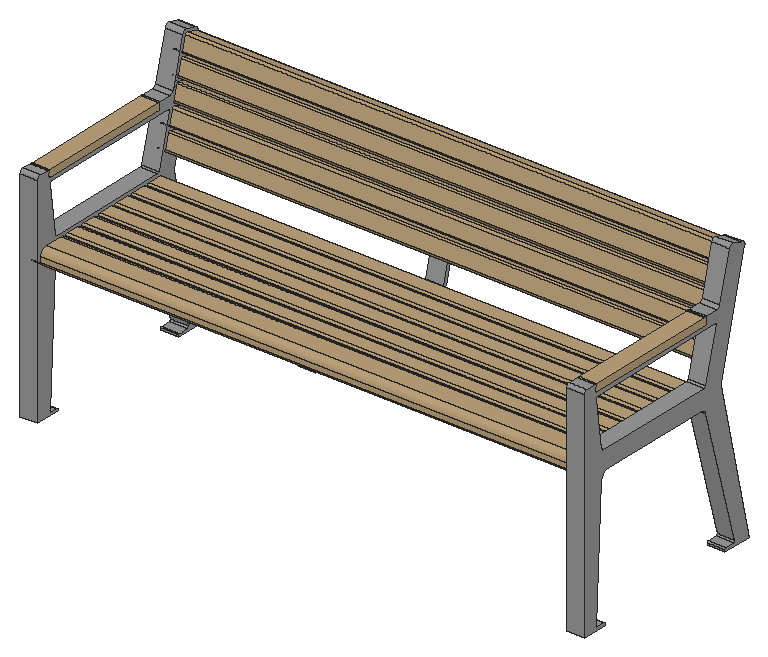
Revit family "L-FUR_벤치_DWB-200_데오스웍스", category 일반 모델, Revit 2019
Family settings
  보강 철근 호스트 가능 = 아니오
  원형 커넥터 치수 = 지름 사용
  부품 유형 = 보통
  작업 기준면 기반 = 아니오
  항상 수직 = 예
  로드될 때 보이드를 사용하여 절단 = 아니오
  공유 = 아니오
  룸 계산 점 = 아니오
Reference planes
  plane 1 "중심(앞/뒤)": y = 0
  plane 2: z = 0
  plane 3 "중심(왼쪽/오른쪽)": x = 0
Dimensions and locks
  aligned and locked: level to plane 2
Nested families
  nested 1: "L-FUR_벤치_DWB-200_데" at (0, 0, 0), type "L-FUR_벤치_DWB-200_데"
Definition of nested family "L-FUR_벤치_DWB-200_데"
  Reference planes
    plane 1 "중심(앞/뒤)": y = 0
    plane 2: z = 0
    plane 3 "중심(왼쪽/오른쪽)": x = 0
  Forms (mm)
    Extrusion 1, solid
      sketch origin (1550, -2397.585, -397.047) x (0, 1, 0) y (0, 0, 1)
        loop
          line (2827.585, 1020.047) -> (2827.585, 1008.047)
          arc (2827.585, 1008.047) -> (2826.121, 1004.511) -> (2822.585, 1003.047) r 5
          line (2822.585, 1003.047) -> (2442.585, 1003.047)
          arc (2442.585, 1003.047) -> (2439.05, 1004.511) -> (2437.585, 1008.047) r 5
          line (2437.585, 1008.047) -> (2437.585, 1020.047)
          arc (2437.585, 1020.047) -> (2436.707, 1022.168) -> (2434.585, 1023.047) r 3
          line (2434.585, 1023.047) -> (2407.585, 1023.047)
          arc (2407.585, 1023.047) -> (2400.514, 1020.118) -> (2397.585, 1013.047) r 10
          line (2397.585, 1013.047) -> (2397.585, 397.047) -> (2467.993, 397.047) -> (2467.993, 402.047)
          arc (2467.993, 402.047) -> (2467.114, 404.168) -> (2464.993, 405.047) r 3
          line (2464.993, 405.047) -> (2437.993, 405.047) -> (2456.619, 771.063)
          arc (2456.619, 771.063) -> (2462.815, 784.544) -> (2476.593, 790.047) r 20
          line (2476.593, 790.047) -> (2809.134, 790.047)
          arc (2809.134, 790.047) -> (2820.418, 786.559) -> (2827.767, 777.313) r 20
          line (2827.767, 777.313) -> (2931.336, 409.137)
          arc (2931.336, 409.137) -> (2931.017, 406.354) -> (2928.541, 405.047) r 3
          line (2928.541, 405.047) -> (2899.05, 405.047)
          arc (2899.05, 405.047) -> (2896.929, 404.168) -> (2896.05, 402.047) r 3
          line (2896.05, 402.047) -> (2896.05, 397.047) -> (2977.585, 397.047) -> (2879.482, 825.839)
          arc (2879.482, 825.839) -> (2879.013, 828.641) -> (2879.351, 831.462) r 10
          line (2879.351, 831.462) -> (2963.154, 1144.221)
          arc (2963.154, 1144.221) -> (2961.956, 1153.327) -> (2954.669, 1158.918) r 12
          line (2954.669, 1158.918) -> (2925.691, 1166.683)
          arc (2925.691, 1166.683) -> (2917.344, 1165.584) -> (2912.219, 1158.905) r 11
          line (2912.219, 1158.905) -> (2877.802, 1030.459)
          arc (2877.802, 1030.459) -> (2874.231, 1025.113) -> (2868.143, 1023.047) r 10
          line (2868.143, 1023.047) -> (2830.585, 1023.047)
          arc (2830.585, 1023.047) -> (2828.464, 1022.168) -> (2827.585, 1020.047) r 3
        loop
          arc (2443.326, 992.047) -> (2439.589, 990.369) -> (2438.36, 986.463) r 5
          line (2438.36, 986.463) -> (2456.546, 851.878)
          arc (2456.546, 851.878) -> (2459.833, 845.574) -> (2466.478, 843.047) r 10
          line (2466.478, 843.047) -> (2823.749, 843.047)
          arc (2823.749, 843.047) -> (2826.793, 844.08) -> (2828.578, 846.753) r 5
          line (2828.578, 846.753) -> (2865.823, 985.753)
          arc (2865.823, 985.753) -> (2864.96, 990.091) -> (2860.994, 992.047) r 5
          line (2860.994, 992.047) -> (2443.326, 992.047)
      from 0 to 50
    Extrusion 2, void
      sketch origin (1550, -4589.461, -397.047) x (0, 1, 0) y (0, 0, 1)
        loop
          line (4601.461, 797.047) -> (5039.411, 797.047)
          arc (5039.411, 797.047) -> (5051.587, 801.18) -> (5058.73, 811.87) r 20
          line (5058.73, 811.87) -> (5148.527, 1146.999)
          arc (5148.527, 1146.999) -> (5148.028, 1150.793) -> (5144.992, 1153.123) r 5
          line (5144.992, 1153.123) -> (5116.014, 1160.887)
          arc (5116.014, 1160.887) -> (5112.22, 1160.388) -> (5109.89, 1157.352) r 5
          line (5109.89, 1157.352) -> (5026.25, 845.2)
          arc (5026.25, 845.2) -> (5022.321, 839.32) -> (5015.624, 837.047) r 11
          line (5015.624, 837.047) -> (4616.461, 837.047)
          arc (4616.461, 837.047) -> (4602.319, 831.189) -> (4596.461, 817.047) r 20
          line (4596.461, 817.047) -> (4596.461, 802.047)
          arc (4596.461, 802.047) -> (4597.925, 798.511) -> (4601.461, 797.047) r 5
      from 0 to 25
    Extrusion 3, solid
      sketch origin (1075, -4589.461, -397.047) x (0, 1, 0) y (0, 0, 1)
        loop
          line (4676.461, 802.047) -> (4676.461, 832.047)
          arc (4676.461, 832.047) -> (4674.997, 835.582) -> (4671.461, 837.047) r 5
          line (4671.461, 837.047) -> (4616.461, 837.047)
          arc (4616.461, 837.047) -> (4602.319, 831.189) -> (4596.461, 817.047) r 20
          line (4596.461, 817.047) -> (4596.461, 802.047)
          arc (4596.461, 802.047) -> (4597.925, 798.511) -> (4601.461, 797.047) r 5
          line (4601.461, 797.047) -> (4671.461, 797.047)
          arc (4671.461, 797.047) -> (4674.997, 798.511) -> (4676.461, 802.047) r 5
        loop
          arc (4734.461, 832.047) -> (4732.997, 835.582) -> (4729.461, 837.047) r 5
          line (4729.461, 837.047) -> (4689.461, 837.047)
          arc (4689.461, 837.047) -> (4685.925, 835.582) -> (4684.461, 832.047) r 5
          line (4684.461, 832.047) -> (4684.461, 802.047)
          arc (4684.461, 802.047) -> (4685.925, 798.511) -> (4689.461, 797.047) r 5
          line (4689.461, 797.047) -> (4729.461, 797.047)
          arc (4729.461, 797.047) -> (4732.997, 798.511) -> (4734.461, 802.047) r 5
          line (4734.461, 802.047) -> (4734.461, 832.047)
        loop
          arc (4792.461, 832.047) -> (4790.997, 835.582) -> (4787.461, 837.047) r 5
          line (4787.461, 837.047) -> (4747.461, 837.047)
          arc (4747.461, 837.047) -> (4743.925, 835.582) -> (4742.461, 832.047) r 5
          line (4742.461, 832.047) -> (4742.461, 802.047)
          arc (4742.461, 802.047) -> (4743.925, 798.511) -> (4747.461, 797.047) r 5
          line (4747.461, 797.047) -> (4787.461, 797.047)
          arc (4787.461, 797.047) -> (4790.997, 798.511) -> (4792.461, 802.047) r 5
          line (4792.461, 802.047) -> (4792.461, 832.047)
        loop
          arc (4850.461, 832.047) -> (4848.997, 835.582) -> (4845.461, 837.047) r 5
          line (4845.461, 837.047) -> (4805.461, 837.047)
          arc (4805.461, 837.047) -> (4801.925, 835.582) -> (4800.461, 832.047) r 5
          line (4800.461, 832.047) -> (4800.461, 802.047)
          arc (4800.461, 802.047) -> (4801.925, 798.511) -> (4805.461, 797.047) r 5
          line (4805.461, 797.047) -> (4845.461, 797.047)
          arc (4845.461, 797.047) -> (4848.997, 798.511) -> (4850.461, 802.047) r 5
          line (4850.461, 802.047) -> (4850.461, 832.047)
        loop
          arc (4908.461, 832.047) -> (4906.997, 835.582) -> (4903.461, 837.047) r 5
          line (4903.461, 837.047) -> (4863.461, 837.047)
          arc (4863.461, 837.047) -> (4859.925, 835.582) -> (4858.461, 832.047) r 5
          line (4858.461, 832.047) -> (4858.461, 802.047)
          arc (4858.461, 802.047) -> (4859.925, 798.511) -> (4863.461, 797.047) r 5
          line (4863.461, 797.047) -> (4903.461, 797.047)
          arc (4903.461, 797.047) -> (4906.997, 798.511) -> (4908.461, 802.047) r 5
          line (4908.461, 802.047) -> (4908.461, 832.047)
        loop
          arc (4966.461, 832.047) -> (4964.997, 835.582) -> (4961.461, 837.047) r 5
          line (4961.461, 837.047) -> (4921.461, 837.047)
          arc (4921.461, 837.047) -> (4917.925, 835.582) -> (4916.461, 832.047) r 5
          line (4916.461, 832.047) -> (4916.461, 802.047)
          arc (4916.461, 802.047) -> (4917.925, 798.511) -> (4921.461, 797.047) r 5
          line (4921.461, 797.047) -> (4961.461, 797.047)
          arc (4961.461, 797.047) -> (4964.997, 798.511) -> (4966.461, 802.047) r 5
          line (4966.461, 802.047) -> (4966.461, 832.047)
        loop
          arc (4974.461, 802.047) -> (4975.925, 798.511) -> (4979.461, 797.047) r 5
          line (4979.461, 797.047) -> (5019.461, 797.047)
          arc (5019.461, 797.047) -> (5022.997, 798.511) -> (5024.461, 802.047) r 5
          line (5024.461, 802.047) -> (5024.461, 832.047)
          arc (5024.461, 832.047) -> (5022.997, 835.582) -> (5019.461, 837.047) r 5
          line (5019.461, 837.047) -> (4979.461, 837.047)
          arc (4979.461, 837.047) -> (4975.925, 835.582) -> (4974.461, 832.047) r 5
          line (4974.461, 832.047) -> (4974.461, 802.047)
        loop
          arc (5072.005, 880.732) -> (5075.799, 881.231) -> (5078.129, 884.267) r 5
          line (5078.129, 884.267) -> (5088.481, 922.904)
          arc (5088.481, 922.904) -> (5087.982, 926.698) -> (5084.946, 929.028) r 5
          line (5084.946, 929.028) -> (5055.968, 936.792)
          arc (5055.968, 936.792) -> (5052.174, 936.293) -> (5049.844, 933.257) r 5
          line (5049.844, 933.257) -> (5039.492, 894.62)
          arc (5039.492, 894.62) -> (5039.991, 890.826) -> (5043.027, 888.496) r 5
          line (5043.027, 888.496) -> (5072.005, 880.732)
        loop
          arc (5087.016, 936.755) -> (5090.81, 937.255) -> (5093.14, 940.291) r 5
          line (5093.14, 940.291) -> (5103.493, 978.928)
          arc (5103.493, 978.928) -> (5102.993, 982.722) -> (5099.957, 985.052) r 5
          line (5099.957, 985.052) -> (5070.98, 992.816)
          arc (5070.98, 992.816) -> (5067.185, 992.317) -> (5064.856, 989.281) r 5
          line (5064.856, 989.281) -> (5054.503, 950.644)
          arc (5054.503, 950.644) -> (5055.003, 946.849) -> (5058.039, 944.52) r 5
          line (5058.039, 944.52) -> (5087.016, 936.755)
        loop
          arc (5102.028, 992.779) -> (5105.822, 993.278) -> (5108.152, 996.314) r 5
          line (5108.152, 996.314) -> (5118.504, 1034.951)
          arc (5118.504, 1034.951) -> (5118.005, 1038.746) -> (5114.969, 1041.075) r 5
          line (5114.969, 1041.075) -> (5085.991, 1048.84)
          arc (5085.991, 1048.84) -> (5082.197, 1048.34) -> (5079.867, 1045.304) r 5
          line (5079.867, 1045.304) -> (5069.515, 1006.667)
          arc (5069.515, 1006.667) -> (5070.014, 1002.873) -> (5073.05, 1000.544) r 5
          line (5073.05, 1000.544) -> (5102.028, 992.779)
        loop
          arc (5117.039, 1048.803) -> (5120.834, 1049.302) -> (5123.163, 1052.338) r 5
          line (5123.163, 1052.338) -> (5133.516, 1090.975)
          arc (5133.516, 1090.975) -> (5133.016, 1094.769) -> (5129.98, 1097.099) r 5
          line (5129.98, 1097.099) -> (5101.003, 1104.863)
          arc (5101.003, 1104.863) -> (5097.208, 1104.364) -> (5094.879, 1101.328) r 5
          line (5094.879, 1101.328) -> (5084.526, 1062.691)
          arc (5084.526, 1062.691) -> (5085.026, 1058.897) -> (5088.062, 1056.567) r 5
          line (5088.062, 1056.567) -> (5117.039, 1048.803)
        loop
          arc (5132.051, 1104.826) -> (5135.845, 1105.326) -> (5138.175, 1108.362) r 5
          line (5138.175, 1108.362) -> (5148.527, 1146.999)
          arc (5148.527, 1146.999) -> (5148.028, 1150.793) -> (5144.992, 1153.123) r 5
          line (5144.992, 1153.123) -> (5116.014, 1160.887)
          arc (5116.014, 1160.887) -> (5112.22, 1160.388) -> (5109.89, 1157.352) r 5
          line (5109.89, 1157.352) -> (5099.538, 1118.715)
          arc (5099.538, 1118.715) -> (5100.037, 1114.921) -> (5103.073, 1112.591) r 5
          line (5103.073, 1112.591) -> (5132.051, 1104.826)
      from -1050 to 500
    Extrusion 4, solid
      sketch origin (50, -2397.585, -397.047) x (0, 1, 0) y (0, 0, -1)
        loop
          arc (2827.585, -1020.047) -> (2828.464, -1022.168) -> (2830.585, -1023.047) r 3
          line (2830.585, -1023.047) -> (2868.143, -1023.047)
          arc (2868.143, -1023.047) -> (2874.231, -1025.113) -> (2877.802, -1030.459) r 10
          line (2877.802, -1030.459) -> (2912.219, -1158.905)
          arc (2912.219, -1158.905) -> (2917.344, -1165.584) -> (2925.691, -1166.683) r 11
          line (2925.691, -1166.683) -> (2954.669, -1158.918)
          arc (2954.669, -1158.918) -> (2961.956, -1153.327) -> (2963.154, -1144.221) r 12
          line (2963.154, -1144.221) -> (2879.351, -831.462)
          arc (2879.351, -831.462) -> (2879.013, -828.641) -> (2879.482, -825.839) r 10
          line (2879.482, -825.839) -> (2977.585, -397.047) -> (2896.05, -397.047) -> (2896.05, -402.047)
          arc (2896.05, -402.047) -> (2896.929, -404.168) -> (2899.05, -405.047) r 3
          line (2899.05, -405.047) -> (2928.541, -405.047)
          arc (2928.541, -405.047) -> (2931.017, -406.354) -> (2931.336, -409.137) r 3
          line (2931.336, -409.137) -> (2827.767, -777.313)
          arc (2827.767, -777.313) -> (2820.418, -786.559) -> (2809.134, -790.047) r 20
          line (2809.134, -790.047) -> (2476.593, -790.047)
          arc (2476.593, -790.047) -> (2462.815, -784.544) -> (2456.619, -771.063) r 20
          line (2456.619, -771.063) -> (2437.993, -405.047) -> (2464.993, -405.047)
          arc (2464.993, -405.047) -> (2467.114, -404.168) -> (2467.993, -402.047) r 3
          line (2467.993, -402.047) -> (2467.993, -397.047) -> (2397.585, -397.047) -> (2397.585, -1013.047)
          arc (2397.585, -1013.047) -> (2400.514, -1020.118) -> (2407.585, -1023.047) r 10
          line (2407.585, -1023.047) -> (2434.585, -1023.047)
          arc (2434.585, -1023.047) -> (2436.707, -1022.168) -> (2437.585, -1020.047) r 3
          line (2437.585, -1020.047) -> (2437.585, -1008.047)
          arc (2437.585, -1008.047) -> (2439.05, -1004.511) -> (2442.585, -1003.047) r 5
          line (2442.585, -1003.047) -> (2822.585, -1003.047)
          arc (2822.585, -1003.047) -> (2826.121, -1004.511) -> (2827.585, -1008.047) r 5
          line (2827.585, -1008.047) -> (2827.585, -1020.047)
        loop
          line (2443.326, -992.047) -> (2860.994, -992.047)
          arc (2860.994, -992.047) -> (2864.96, -990.091) -> (2865.823, -985.753) r 5
          line (2865.823, -985.753) -> (2828.578, -846.753)
          arc (2828.578, -846.753) -> (2826.793, -844.08) -> (2823.749, -843.047) r 5
          line (2823.749, -843.047) -> (2466.478, -843.047)
          arc (2466.478, -843.047) -> (2459.833, -845.574) -> (2456.546, -851.878) r 10
          line (2456.546, -851.878) -> (2438.36, -986.463)
          arc (2438.36, -986.463) -> (2439.589, -990.369) -> (2443.326, -992.047) r 5
      from 0 to 50
    Extrusion 5, solid
      sketch origin (775, -4589.461, -397.047) x (0, 1, 0) y (0, 0, 1)
        loop
          line (5147.233, 1142.169) -> (5058.73, 811.87)
          arc (5058.73, 811.87) -> (5051.587, 801.18) -> (5039.411, 797.047) r 20
          line (5039.411, 797.047) -> (4606.461, 797.047) -> (4606.461, 790.047) -> (5039.411, 790.047)
          arc (5039.411, 790.047) -> (5055.848, 795.626) -> (5065.491, 810.059) r 27
          line (5065.491, 810.059) -> (5153.995, 1140.358) -> (5147.233, 1142.169)
      from 0 to 50
    Extrusion 6, solid
      sketch origin (0, -4523.496, 2936.171) x (0, 1, 0) y (0, 0, 1)
        loop
          line (4950.496, -2310.171) -> (4566.496, -2310.171)
          arc (4566.496, -2310.171) -> (4564.375, -2311.05) -> (4563.496, -2313.171) r 3
          line (4563.496, -2313.171) -> (4563.496, -2325.171)
          arc (4563.496, -2325.171) -> (4564.961, -2328.707) -> (4568.496, -2330.171) r 5
          line (4568.496, -2330.171) -> (4948.496, -2330.171)
          arc (4948.496, -2330.171) -> (4952.032, -2328.707) -> (4953.496, -2325.171) r 5
          line (4953.496, -2325.171) -> (4953.496, -2313.171)
          arc (4953.496, -2313.171) -> (4952.617, -2311.05) -> (4950.496, -2310.171) r 3
      from 0 to 50
    Extrusion 7, solid
      sketch origin (1550, -4523.496, 2936.171) x (0, 1, 0) y (0, 0, 1)
        loop
          line (4950.496, -2310.171) -> (4566.496, -2310.171)
          arc (4566.496, -2310.171) -> (4564.375, -2311.05) -> (4563.496, -2313.171) r 3
          line (4563.496, -2313.171) -> (4563.496, -2325.171)
          arc (4563.496, -2325.171) -> (4564.961, -2328.707) -> (4568.496, -2330.171) r 5
          line (4568.496, -2330.171) -> (4948.496, -2330.171)
          arc (4948.496, -2330.171) -> (4952.032, -2328.707) -> (4953.496, -2325.171) r 5
          line (4953.496, -2325.171) -> (4953.496, -2313.171)
          arc (4953.496, -2313.171) -> (4952.617, -2311.05) -> (4950.496, -2310.171) r 3
      from 0 to 50
    Extrusion 8, solid, not visible
      sketch origin (2900.709, -3915.932, -397.047) x (0, 1, 0) y (0, 0, 1)
        loop
          line (2827.585, 1020.047) -> (2827.585, 1008.047)
          arc (2827.585, 1008.047) -> (2826.121, 1004.511) -> (2822.585, 1003.047) r 5
          line (2822.585, 1003.047) -> (2442.585, 1003.047)
          arc (2442.585, 1003.047) -> (2439.05, 1004.511) -> (2437.585, 1008.047) r 5
          line (2437.585, 1008.047) -> (2437.585, 1020.047)
          arc (2437.585, 1020.047) -> (2436.707, 1022.168) -> (2434.585, 1023.047) r 3
          line (2434.585, 1023.047) -> (2407.585, 1023.047)
          arc (2407.585, 1023.047) -> (2400.514, 1020.118) -> (2397.585, 1013.047) r 10
          line (2397.585, 1013.047) -> (2397.585, 397.047) -> (2467.993, 397.047) -> (2467.993, 402.047)
          arc (2467.993, 402.047) -> (2467.114, 404.168) -> (2464.993, 405.047) r 3
          line (2464.993, 405.047) -> (2437.993, 405.047) -> (2456.619, 771.063)
          arc (2456.619, 771.063) -> (2462.815, 784.544) -> (2476.593, 790.047) r 20
          line (2476.593, 790.047) -> (2809.134, 790.047)
          arc (2809.134, 790.047) -> (2820.418, 786.559) -> (2827.767, 777.313) r 20
          line (2827.767, 777.313) -> (2931.336, 409.137)
          arc (2931.336, 409.137) -> (2931.017, 406.354) -> (2928.541, 405.047) r 3
          line (2928.541, 405.047) -> (2899.05, 405.047)
          arc (2899.05, 405.047) -> (2896.929, 404.168) -> (2896.05, 402.047) r 3
          line (2896.05, 402.047) -> (2896.05, 397.047) -> (2977.585, 397.047) -> (2879.482, 825.839)
          arc (2879.482, 825.839) -> (2879.013, 828.641) -> (2879.351, 831.462) r 10
          line (2879.351, 831.462) -> (2963.154, 1144.221)
          arc (2963.154, 1144.221) -> (2961.956, 1153.327) -> (2954.669, 1158.918) r 12
          line (2954.669, 1158.918) -> (2925.691, 1166.683)
          arc (2925.691, 1166.683) -> (2917.344, 1165.584) -> (2912.219, 1158.905) r 11
          line (2912.219, 1158.905) -> (2877.802, 1030.459)
          arc (2877.802, 1030.459) -> (2874.231, 1025.113) -> (2868.143, 1023.047) r 10
          line (2868.143, 1023.047) -> (2830.585, 1023.047)
          arc (2830.585, 1023.047) -> (2828.464, 1022.168) -> (2827.585, 1020.047) r 3
        loop
          arc (2443.326, 992.047) -> (2439.589, 990.369) -> (2438.36, 986.463) r 5
          line (2438.36, 986.463) -> (2456.546, 851.878)
          arc (2456.546, 851.878) -> (2459.833, 845.574) -> (2466.478, 843.047) r 10
          line (2466.478, 843.047) -> (2823.749, 843.047)
          arc (2823.749, 843.047) -> (2826.793, 844.08) -> (2828.578, 846.753) r 5
          line (2828.578, 846.753) -> (2865.823, 985.753)
          arc (2865.823, 985.753) -> (2864.96, 990.091) -> (2860.994, 992.047) r 5
          line (2860.994, 992.047) -> (2443.326, 992.047)
      from 0 to 50
    Extrusion 9, solid, not visible
      sketch origin (1400.709, -3915.932, -397.047) x (0, 1, 0) y (0, 0, -1)
        loop
          arc (2827.585, -1020.047) -> (2828.464, -1022.168) -> (2830.585, -1023.047) r 3
          line (2830.585, -1023.047) -> (2868.143, -1023.047)
          arc (2868.143, -1023.047) -> (2874.231, -1025.113) -> (2877.802, -1030.459) r 10
          line (2877.802, -1030.459) -> (2912.219, -1158.905)
          arc (2912.219, -1158.905) -> (2917.344, -1165.584) -> (2925.691, -1166.683) r 11
          line (2925.691, -1166.683) -> (2954.669, -1158.918)
          arc (2954.669, -1158.918) -> (2961.956, -1153.327) -> (2963.154, -1144.221) r 12
          line (2963.154, -1144.221) -> (2879.351, -831.462)
          arc (2879.351, -831.462) -> (2879.013, -828.641) -> (2879.482, -825.839) r 10
          line (2879.482, -825.839) -> (2977.585, -397.047) -> (2896.05, -397.047) -> (2896.05, -402.047)
          arc (2896.05, -402.047) -> (2896.929, -404.168) -> (2899.05, -405.047) r 3
          line (2899.05, -405.047) -> (2928.541, -405.047)
          arc (2928.541, -405.047) -> (2931.017, -406.354) -> (2931.336, -409.137) r 3
          line (2931.336, -409.137) -> (2827.767, -777.313)
          arc (2827.767, -777.313) -> (2820.418, -786.559) -> (2809.134, -790.047) r 20
          line (2809.134, -790.047) -> (2476.593, -790.047)
          arc (2476.593, -790.047) -> (2462.815, -784.544) -> (2456.619, -771.063) r 20
          line (2456.619, -771.063) -> (2437.993, -405.047) -> (2464.993, -405.047)
          arc (2464.993, -405.047) -> (2467.114, -404.168) -> (2467.993, -402.047) r 3
          line (2467.993, -402.047) -> (2467.993, -397.047) -> (2397.585, -397.047) -> (2397.585, -1013.047)
          arc (2397.585, -1013.047) -> (2400.514, -1020.118) -> (2407.585, -1023.047) r 10
          line (2407.585, -1023.047) -> (2434.585, -1023.047)
          arc (2434.585, -1023.047) -> (2436.707, -1022.168) -> (2437.585, -1020.047) r 3
          line (2437.585, -1020.047) -> (2437.585, -1008.047)
          arc (2437.585, -1008.047) -> (2439.05, -1004.511) -> (2442.585, -1003.047) r 5
          line (2442.585, -1003.047) -> (2822.585, -1003.047)
          arc (2822.585, -1003.047) -> (2826.121, -1004.511) -> (2827.585, -1008.047) r 5
          line (2827.585, -1008.047) -> (2827.585, -1020.047)
        loop
          line (2443.326, -992.047) -> (2860.994, -992.047)
          arc (2860.994, -992.047) -> (2864.96, -990.091) -> (2865.823, -985.753) r 5
          line (2865.823, -985.753) -> (2828.578, -846.753)
          arc (2828.578, -846.753) -> (2826.793, -844.08) -> (2823.749, -843.047) r 5
          line (2823.749, -843.047) -> (2466.478, -843.047)
          arc (2466.478, -843.047) -> (2459.833, -845.574) -> (2456.546, -851.878) r 10
          line (2456.546, -851.878) -> (2438.36, -986.463)
          arc (2438.36, -986.463) -> (2439.589, -990.369) -> (2443.326, -992.047) r 5
      from 0 to 50
    Extrusion 10, solid, not visible
      sketch origin (2125.709, -6107.807, -397.047) x (0, 1, 0) y (0, 0, 1)
        loop
          line (5147.233, 1142.169) -> (5058.73, 811.87)
          arc (5058.73, 811.87) -> (5051.587, 801.18) -> (5039.411, 797.047) r 20
          line (5039.411, 797.047) -> (4606.461, 797.047) -> (4606.461, 790.047) -> (5039.411, 790.047)
          arc (5039.411, 790.047) -> (5055.848, 795.626) -> (5065.491, 810.059) r 27
          line (5065.491, 810.059) -> (5153.995, 1140.358) -> (5147.233, 1142.169)
      from 0 to 50
    Extrusion 11, solid, not visible
      sketch origin (1591.985, -2369.759, -397.047) x (0, 1, 0) y (0, 0, 1)
        loop
          line (2827.585, 1020.047) -> (2827.585, 1008.047)
          arc (2827.585, 1008.047) -> (2826.121, 1004.511) -> (2822.585, 1003.047) r 5
          line (2822.585, 1003.047) -> (2442.585, 1003.047)
          arc (2442.585, 1003.047) -> (2439.05, 1004.511) -> (2437.585, 1008.047) r 5
          line (2437.585, 1008.047) -> (2437.585, 1020.047)
          arc (2437.585, 1020.047) -> (2436.707, 1022.168) -> (2434.585, 1023.047) r 3
          line (2434.585, 1023.047) -> (2407.585, 1023.047)
          arc (2407.585, 1023.047) -> (2400.514, 1020.118) -> (2397.585, 1013.047) r 10
          line (2397.585, 1013.047) -> (2397.585, 397.047) -> (2467.993, 397.047) -> (2467.993, 402.047)
          arc (2467.993, 402.047) -> (2467.114, 404.168) -> (2464.993, 405.047) r 3
          line (2464.993, 405.047) -> (2437.993, 405.047) -> (2456.619, 771.063)
          arc (2456.619, 771.063) -> (2462.815, 784.544) -> (2476.593, 790.047) r 20
          line (2476.593, 790.047) -> (2809.134, 790.047)
          arc (2809.134, 790.047) -> (2820.418, 786.559) -> (2827.767, 777.313) r 20
          line (2827.767, 777.313) -> (2931.336, 409.137)
          arc (2931.336, 409.137) -> (2931.017, 406.354) -> (2928.541, 405.047) r 3
          line (2928.541, 405.047) -> (2899.05, 405.047)
          arc (2899.05, 405.047) -> (2896.929, 404.168) -> (2896.05, 402.047) r 3
          line (2896.05, 402.047) -> (2896.05, 397.047) -> (2977.585, 397.047) -> (2879.482, 825.839)
          arc (2879.482, 825.839) -> (2879.013, 828.641) -> (2879.351, 831.462) r 10
          line (2879.351, 831.462) -> (2963.154, 1144.221)
          arc (2963.154, 1144.221) -> (2961.956, 1153.327) -> (2954.669, 1158.918) r 12
          line (2954.669, 1158.918) -> (2925.691, 1166.683)
          arc (2925.691, 1166.683) -> (2917.344, 1165.584) -> (2912.219, 1158.905) r 11
          line (2912.219, 1158.905) -> (2877.802, 1030.459)
          arc (2877.802, 1030.459) -> (2874.231, 1025.113) -> (2868.143, 1023.047) r 10
          line (2868.143, 1023.047) -> (2830.585, 1023.047)
          arc (2830.585, 1023.047) -> (2828.464, 1022.168) -> (2827.585, 1020.047) r 3
        loop
          arc (2443.326, 992.047) -> (2439.589, 990.369) -> (2438.36, 986.463) r 5
          line (2438.36, 986.463) -> (2456.546, 851.878)
          arc (2456.546, 851.878) -> (2459.833, 845.574) -> (2466.478, 843.047) r 10
          line (2466.478, 843.047) -> (2823.749, 843.047)
          arc (2823.749, 843.047) -> (2826.793, 844.08) -> (2828.578, 846.753) r 5
          line (2828.578, 846.753) -> (2865.823, 985.753)
          arc (2865.823, 985.753) -> (2864.96, 990.091) -> (2860.994, 992.047) r 5
          line (2860.994, 992.047) -> (2443.326, 992.047)
      from 0 to 50
    Extrusion 12, void, not visible
      sketch origin (1591.985, -4561.635, -397.047) x (0, 1, 0) y (0, 0, 1)
        loop
          line (4601.461, 797.047) -> (5039.411, 797.047)
          arc (5039.411, 797.047) -> (5051.587, 801.18) -> (5058.73, 811.87) r 20
          line (5058.73, 811.87) -> (5148.527, 1146.999)
          arc (5148.527, 1146.999) -> (5148.028, 1150.793) -> (5144.992, 1153.123) r 5
          line (5144.992, 1153.123) -> (5116.014, 1160.887)
          arc (5116.014, 1160.887) -> (5112.22, 1160.388) -> (5109.89, 1157.352) r 5
          line (5109.89, 1157.352) -> (5026.25, 845.2)
          arc (5026.25, 845.2) -> (5022.321, 839.32) -> (5015.624, 837.047) r 11
          line (5015.624, 837.047) -> (4616.461, 837.047)
          arc (4616.461, 837.047) -> (4602.319, 831.189) -> (4596.461, 817.047) r 20
          line (4596.461, 817.047) -> (4596.461, 802.047)
          arc (4596.461, 802.047) -> (4597.925, 798.511) -> (4601.461, 797.047) r 5
      from 0 to 25
    Extrusion 13, solid, not visible
      sketch origin (1116.985, -4561.635, -397.047) x (0, 1, 0) y (0, 0, 1)
        loop
          line (4676.461, 802.047) -> (4676.461, 832.047)
          arc (4676.461, 832.047) -> (4674.997, 835.582) -> (4671.461, 837.047) r 5
          line (4671.461, 837.047) -> (4616.461, 837.047)
          arc (4616.461, 837.047) -> (4602.319, 831.189) -> (4596.461, 817.047) r 20
          line (4596.461, 817.047) -> (4596.461, 802.047)
          arc (4596.461, 802.047) -> (4597.925, 798.511) -> (4601.461, 797.047) r 5
          line (4601.461, 797.047) -> (4671.461, 797.047)
          arc (4671.461, 797.047) -> (4674.997, 798.511) -> (4676.461, 802.047) r 5
        loop
          arc (4734.461, 832.047) -> (4732.997, 835.582) -> (4729.461, 837.047) r 5
          line (4729.461, 837.047) -> (4689.461, 837.047)
          arc (4689.461, 837.047) -> (4685.925, 835.582) -> (4684.461, 832.047) r 5
          line (4684.461, 832.047) -> (4684.461, 802.047)
          arc (4684.461, 802.047) -> (4685.925, 798.511) -> (4689.461, 797.047) r 5
          line (4689.461, 797.047) -> (4729.461, 797.047)
          arc (4729.461, 797.047) -> (4732.997, 798.511) -> (4734.461, 802.047) r 5
          line (4734.461, 802.047) -> (4734.461, 832.047)
        loop
          arc (4792.461, 832.047) -> (4790.997, 835.582) -> (4787.461, 837.047) r 5
          line (4787.461, 837.047) -> (4747.461, 837.047)
          arc (4747.461, 837.047) -> (4743.925, 835.582) -> (4742.461, 832.047) r 5
          line (4742.461, 832.047) -> (4742.461, 802.047)
          arc (4742.461, 802.047) -> (4743.925, 798.511) -> (4747.461, 797.047) r 5
          line (4747.461, 797.047) -> (4787.461, 797.047)
          arc (4787.461, 797.047) -> (4790.997, 798.511) -> (4792.461, 802.047) r 5
          line (4792.461, 802.047) -> (4792.461, 832.047)
        loop
          arc (4850.461, 832.047) -> (4848.997, 835.582) -> (4845.461, 837.047) r 5
          line (4845.461, 837.047) -> (4805.461, 837.047)
          arc (4805.461, 837.047) -> (4801.925, 835.582) -> (4800.461, 832.047) r 5
          line (4800.461, 832.047) -> (4800.461, 802.047)
          arc (4800.461, 802.047) -> (4801.925, 798.511) -> (4805.461, 797.047) r 5
          line (4805.461, 797.047) -> (4845.461, 797.047)
          arc (4845.461, 797.047) -> (4848.997, 798.511) -> (4850.461, 802.047) r 5
          line (4850.461, 802.047) -> (4850.461, 832.047)
        loop
          arc (4908.461, 832.047) -> (4906.997, 835.582) -> (4903.461, 837.047) r 5
          line (4903.461, 837.047) -> (4863.461, 837.047)
          arc (4863.461, 837.047) -> (4859.925, 835.582) -> (4858.461, 832.047) r 5
          line (4858.461, 832.047) -> (4858.461, 802.047)
          arc (4858.461, 802.047) -> (4859.925, 798.511) -> (4863.461, 797.047) r 5
          line (4863.461, 797.047) -> (4903.461, 797.047)
          arc (4903.461, 797.047) -> (4906.997, 798.511) -> (4908.461, 802.047) r 5
          line (4908.461, 802.047) -> (4908.461, 832.047)
        loop
          arc (4966.461, 832.047) -> (4964.997, 835.582) -> (4961.461, 837.047) r 5
          line (4961.461, 837.047) -> (4921.461, 837.047)
          arc (4921.461, 837.047) -> (4917.925, 835.582) -> (4916.461, 832.047) r 5
          line (4916.461, 832.047) -> (4916.461, 802.047)
          arc (4916.461, 802.047) -> (4917.925, 798.511) -> (4921.461, 797.047) r 5
          line (4921.461, 797.047) -> (4961.461, 797.047)
          arc (4961.461, 797.047) -> (4964.997, 798.511) -> (4966.461, 802.047) r 5
          line (4966.461, 802.047) -> (4966.461, 832.047)
        loop
          arc (4974.461, 802.047) -> (4975.925, 798.511) -> (4979.461, 797.047) r 5
          line (4979.461, 797.047) -> (5019.461, 797.047)
          arc (5019.461, 797.047) -> (5022.997, 798.511) -> (5024.461, 802.047) r 5
          line (5024.461, 802.047) -> (5024.461, 832.047)
          arc (5024.461, 832.047) -> (5022.997, 835.582) -> (5019.461, 837.047) r 5
          line (5019.461, 837.047) -> (4979.461, 837.047)
          arc (4979.461, 837.047) -> (4975.925, 835.582) -> (4974.461, 832.047) r 5
          line (4974.461, 832.047) -> (4974.461, 802.047)
        loop
          arc (5072.005, 880.732) -> (5075.799, 881.231) -> (5078.129, 884.267) r 5
          line (5078.129, 884.267) -> (5088.481, 922.904)
          arc (5088.481, 922.904) -> (5087.982, 926.698) -> (5084.946, 929.028) r 5
          line (5084.946, 929.028) -> (5055.968, 936.792)
          arc (5055.968, 936.792) -> (5052.174, 936.293) -> (5049.844, 933.257) r 5
          line (5049.844, 933.257) -> (5039.492, 894.62)
          arc (5039.492, 894.62) -> (5039.991, 890.826) -> (5043.027, 888.496) r 5
          line (5043.027, 888.496) -> (5072.005, 880.732)
        loop
          arc (5087.016, 936.755) -> (5090.81, 937.255) -> (5093.14, 940.291) r 5
          line (5093.14, 940.291) -> (5103.493, 978.928)
          arc (5103.493, 978.928) -> (5102.993, 982.722) -> (5099.957, 985.052) r 5
          line (5099.957, 985.052) -> (5070.98, 992.816)
          arc (5070.98, 992.816) -> (5067.185, 992.317) -> (5064.856, 989.281) r 5
          line (5064.856, 989.281) -> (5054.503, 950.644)
          arc (5054.503, 950.644) -> (5055.003, 946.849) -> (5058.039, 944.52) r 5
          line (5058.039, 944.52) -> (5087.016, 936.755)
        loop
          arc (5102.028, 992.779) -> (5105.822, 993.278) -> (5108.152, 996.314) r 5
          line (5108.152, 996.314) -> (5118.504, 1034.951)
          arc (5118.504, 1034.951) -> (5118.005, 1038.746) -> (5114.969, 1041.075) r 5
          line (5114.969, 1041.075) -> (5085.991, 1048.84)
          arc (5085.991, 1048.84) -> (5082.197, 1048.34) -> (5079.867, 1045.304) r 5
          line (5079.867, 1045.304) -> (5069.515, 1006.667)
          arc (5069.515, 1006.667) -> (5070.014, 1002.873) -> (5073.05, 1000.544) r 5
          line (5073.05, 1000.544) -> (5102.028, 992.779)
        loop
          arc (5117.039, 1048.803) -> (5120.834, 1049.302) -> (5123.163, 1052.338) r 5
          line (5123.163, 1052.338) -> (5133.516, 1090.975)
          arc (5133.516, 1090.975) -> (5133.016, 1094.769) -> (5129.98, 1097.099) r 5
          line (5129.98, 1097.099) -> (5101.003, 1104.863)
          arc (5101.003, 1104.863) -> (5097.208, 1104.364) -> (5094.879, 1101.328) r 5
          line (5094.879, 1101.328) -> (5084.526, 1062.691)
          arc (5084.526, 1062.691) -> (5085.026, 1058.897) -> (5088.062, 1056.567) r 5
          line (5088.062, 1056.567) -> (5117.039, 1048.803)
        loop
          arc (5132.051, 1104.826) -> (5135.845, 1105.326) -> (5138.175, 1108.362) r 5
          line (5138.175, 1108.362) -> (5148.527, 1146.999)
          arc (5148.527, 1146.999) -> (5148.028, 1150.793) -> (5144.992, 1153.123) r 5
          line (5144.992, 1153.123) -> (5116.014, 1160.887)
          arc (5116.014, 1160.887) -> (5112.22, 1160.388) -> (5109.89, 1157.352) r 5
          line (5109.89, 1157.352) -> (5099.538, 1118.715)
          arc (5099.538, 1118.715) -> (5100.037, 1114.921) -> (5103.073, 1112.591) r 5
          line (5103.073, 1112.591) -> (5132.051, 1104.826)
      from -1050 to 500
    Extrusion 14, solid, not visible
      sketch origin (91.985, -2369.759, -397.047) x (0, 1, 0) y (0, 0, -1)
        loop
          arc (2827.585, -1020.047) -> (2828.464, -1022.168) -> (2830.585, -1023.047) r 3
          line (2830.585, -1023.047) -> (2868.143, -1023.047)
          arc (2868.143, -1023.047) -> (2874.231, -1025.113) -> (2877.802, -1030.459) r 10
          line (2877.802, -1030.459) -> (2912.219, -1158.905)
          arc (2912.219, -1158.905) -> (2917.344, -1165.584) -> (2925.691, -1166.683) r 11
          line (2925.691, -1166.683) -> (2954.669, -1158.918)
          arc (2954.669, -1158.918) -> (2961.956, -1153.327) -> (2963.154, -1144.221) r 12
          line (2963.154, -1144.221) -> (2879.351, -831.462)
          arc (2879.351, -831.462) -> (2879.013, -828.641) -> (2879.482, -825.839) r 10
          line (2879.482, -825.839) -> (2977.585, -397.047) -> (2896.05, -397.047) -> (2896.05, -402.047)
          arc (2896.05, -402.047) -> (2896.929, -404.168) -> (2899.05, -405.047) r 3
          line (2899.05, -405.047) -> (2928.541, -405.047)
          arc (2928.541, -405.047) -> (2931.017, -406.354) -> (2931.336, -409.137) r 3
          line (2931.336, -409.137) -> (2827.767, -777.313)
          arc (2827.767, -777.313) -> (2820.418, -786.559) -> (2809.134, -790.047) r 20
          line (2809.134, -790.047) -> (2476.593, -790.047)
          arc (2476.593, -790.047) -> (2462.815, -784.544) -> (2456.619, -771.063) r 20
          line (2456.619, -771.063) -> (2437.993, -405.047) -> (2464.993, -405.047)
          arc (2464.993, -405.047) -> (2467.114, -404.168) -> (2467.993, -402.047) r 3
          line (2467.993, -402.047) -> (2467.993, -397.047) -> (2397.585, -397.047) -> (2397.585, -1013.047)
          arc (2397.585, -1013.047) -> (2400.514, -1020.118) -> (2407.585, -1023.047) r 10
          line (2407.585, -1023.047) -> (2434.585, -1023.047)
          arc (2434.585, -1023.047) -> (2436.707, -1022.168) -> (2437.585, -1020.047) r 3
          line (2437.585, -1020.047) -> (2437.585, -1008.047)
          arc (2437.585, -1008.047) -> (2439.05, -1004.511) -> (2442.585, -1003.047) r 5
          line (2442.585, -1003.047) -> (2822.585, -1003.047)
          arc (2822.585, -1003.047) -> (2826.121, -1004.511) -> (2827.585, -1008.047) r 5
          line (2827.585, -1008.047) -> (2827.585, -1020.047)
        loop
          line (2443.326, -992.047) -> (2860.994, -992.047)
          arc (2860.994, -992.047) -> (2864.96, -990.091) -> (2865.823, -985.753) r 5
          line (2865.823, -985.753) -> (2828.578, -846.753)
          arc (2828.578, -846.753) -> (2826.793, -844.08) -> (2823.749, -843.047) r 5
          line (2823.749, -843.047) -> (2466.478, -843.047)
          arc (2466.478, -843.047) -> (2459.833, -845.574) -> (2456.546, -851.878) r 10
          line (2456.546, -851.878) -> (2438.36, -986.463)
          arc (2438.36, -986.463) -> (2439.589, -990.369) -> (2443.326, -992.047) r 5
      from 0 to 50
    Extrusion 15, solid, not visible
      sketch origin (816.985, -4561.635, -397.047) x (0, 1, 0) y (0, 0, 1)
        loop
          line (5147.233, 1142.169) -> (5058.73, 811.87)
          arc (5058.73, 811.87) -> (5051.587, 801.18) -> (5039.411, 797.047) r 20
          line (5039.411, 797.047) -> (4606.461, 797.047) -> (4606.461, 790.047) -> (5039.411, 790.047)
          arc (5039.411, 790.047) -> (5055.848, 795.626) -> (5065.491, 810.059) r 27
          line (5065.491, 810.059) -> (5153.995, 1140.358) -> (5147.233, 1142.169)
      from 0 to 50
  Cuts and joins
    Extrusion 2 cuts Extrusion 1
    Extrusion 2 cuts Extrusion 3
  Dimensions and locks
    aligned and locked: level to plane 2
